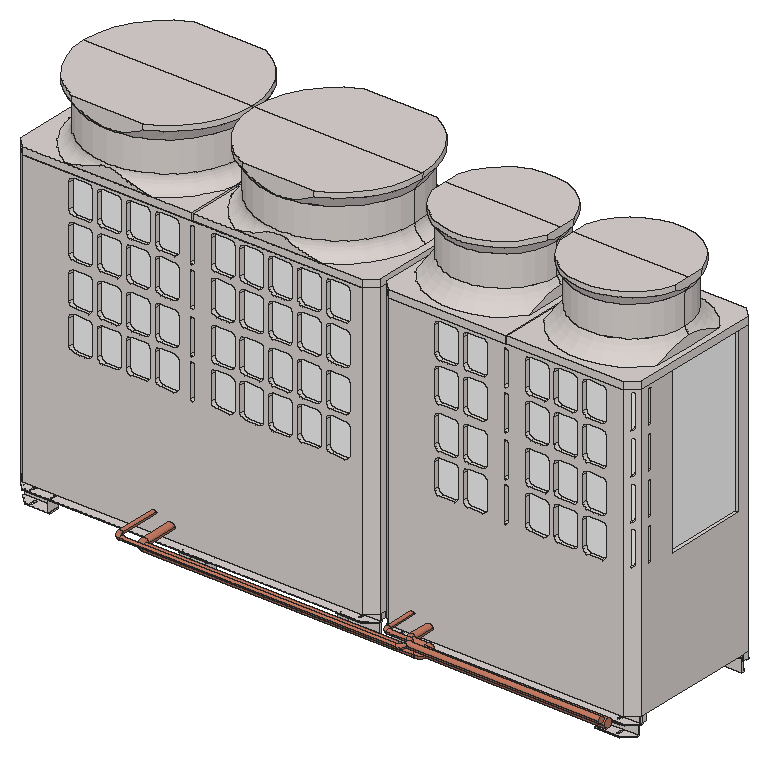
Revit family "PURY-EP950YSNW-A1", category 機械設備, Revit 2016 (continued)
Definition of nested family "PURY-EP450YNW-A1"
  Dimensions and locks
    cut or joined group 1 (Extrusion 1, Extrusion 2, Extrusion 3, Extrusion 4, Extrusion 5, Extrusion 6, Extrusion 7, Extrusion 8, Extrusion 9, Extrusion 10, Extrusion 11, Extrusion 12, Extrusion 13, Extrusion 14, Extrusion 15, Extrusion 16, Extrusion 17, Extrusion 18, Extrusion 19, Extrusion 20, Extrusion 21, Extrusion 22, Extrusion 23, Extrusion 24, Extrusion 25, Extrusion 26, Extrusion 27, Extrusion 28, Extrusion 29, Extrusion 30, Extrusion 31, Extrusion 32, Extrusion 33) to plane 12 to cut or joined group 1 = 805.000 mm, 621.000 mm
    plane 5 to plane 2 = 1858.000 mm  (x2)
    cut or joined group 1 to plane 19 "132" = 132.000 mm
    cut or joined group 1 to plane 22 = 207.000 mm
    cut or joined group 1 to plane 23 = 256.000 mm
    cut or joined group 1 to plane 6 = 60.000 mm
    cut or joined group 1 to cut or joined group 1 = 42.154 mm
    cut or joined group 1 to cut or joined group 1 = 11.895 mm
    nested 1 to nested 3 to level = 1798.000 mm, 60.000 mm
    nested 1 to nested 1 = 303.000 mm
    nested 1 to nested 3 = 1495.000 mm
    nested 8 to nested 8 to nested 8 to nested 7 to nested 7 to nested 7 = 54.000 mm, 20.000 mm, 592.000 mm, 20.000 mm, 54.000 mm
    nested 3 to nested 3 = 56.000 mm
    plane 11 to plane 31 to plane 32 to cut or joined group 1 = 90.000 mm, 1060.000 mm, 90.000 mm
    curve 103 to nested 7 = 90.000 mm
    curve 104 to nested 7 = 125.000 mm
    curve 101 to nested 7 = 100.000 mm
    curve 11 to curve 13 to nested 7 = 84.000 mm, 71.000 mm
    cut or joined group 1 to curve 12 to curve 14 = 125.000 mm, 148.000 mm
    nested 2 to nested 7 = 1495.000 mm
    curve 87 to cut or joined group 1 = 152.000 mm
    curve 88 to cut or joined group 1 = 172.000 mm
    curve 89 to cut or joined group 1 = 216.000 mm
    cut or joined group 1 to curve 4 to curve 2 = 128.000 mm, 150.000 mm
    cut or joined group 1 to curve 1 to curve 3 = 79.000 mm, 94.000 mm
    Extrusion 32 sketch curve to nested 7 = 116.000 mm
    cut or joined group 1 to Extrusion 32 sketch curve = 160.000 mm
    cut or joined group 1 to Extrusion 33 sketch curve = 243.000 mm
    Extrusion 33 sketch curve to nested 7 = 116.000 mm
    aligned and locked: level to plane 2
    aligned and locked: Extrusion 1 to plane 4
  Nested families
    nested 1: "FAN GUARD" at (-311.5, 2, 860), type "FAN GUARD"
      with WIDTH 870.000 mm
    nested 2: "FAN GUARD" at (311.5, 2, 860) x (-1, 0, 0) z (0, 0, 1), type "FAN GUARD"
      with WIDTH 870.000 mm
    nested 3: "ATTACHMENT LEG" at (-524, -349, 0), type "ATTACHMENT LEG"
    nested 4: "ATTACHMENT LEG" at (-524, 349, 0), type "ATTACHMENT LEG"
    nested 5: "ATTACHMENT LEG" at (524, -349, 0) x (-1, 0, 0) z (0, 0, 1), type "ATTACHMENT LEG"
    nested 6: "ATTACHMENT LEG" at (524, 349, 0) x (-1, 0, 0) z (0, 0, 1), type "ATTACHMENT LEG"
    nested 7: "BASE LEG_L_" at (0, -352, 60), type "BASE LEG_L_"
      with Width 1240.000 mm
    nested 8: "BASE LEG_L_" at (0, 352, 60), type "BASE LEG_L_"
      with Width 1240.000 mm
  Connectors
    piping at (-460, -191, 176), diameter 25.4, driven by "Liquid pipe_radius"
      settings: on cut or joined group 1, index 3, connector inside diameter 25.4 mm, connector length 0.000 mm, flow factor 0, pipe flow 0.0 L/s, pressure drop 0.0 Pa, fitting loss kfactor 0, connector angle 0.00°, fixture units 0, engagement length 0.000 mm, angle of deflection 0.00°, flow configuration 0, flow direction 0, fitting loss method 0, system type 22, joint type 0, gender type 0, connector reference index -1, connector utility 0, adjustable connector no, is connector primary yes, connector description "Refrigerant service valve<Liquid pipe>"
    piping at (-377, -191, 176), diameter 28.58, driven by "Gas pipe_radius"
      settings: on cut or joined group 1, index 4, connector inside diameter 28.58 mm, connector length 0.000 mm, flow factor 0, pipe flow 0.0 L/s, pressure drop 0.0 Pa, fitting loss kfactor 0, connector angle 0.00°, fixture units 0, engagement length 0.000 mm, angle of deflection 0.00°, flow configuration 0, flow direction 0, fitting loss method 0, system type 22, joint type 0, gender type 0, connector reference index -1, connector utility 0, adjustable connector no, is connector primary no, connector description "Refrigerant service valve<Gas>"
    electrical at (0, -370, 808)
      settings: on cut or joined group 1, index 5, voltage 0 V, apparent load 0 VA, apparent load phase1 0 VA, apparent load phase2 0 VA, apparent load phase3 0 VA, power factor 1, load classification none, number of poles 1, system type 30, power factor state 1, is connector primary yes, connector utility no, sub classification motor no, connector description ""
  Definition of nested family "FAN GUARD"
    Parameters
      WIDTH [instance] = 870.000 mm
    Reference planes
      plane 1 "中心(正面/背面)": y = -2
      plane 2: z = 0
      plane 3 "ファンガード基準面": z = 661
      plane 4: y = 368
      plane 5: x = 366
      plane 6: x = -375
      plane 7 "ファンガード基準上面": z = 695
      plane 8 "ファンガード上面": z = 998
      plane 9: x = -273.971
      plane 10: x = 308.5
      plane 11: x = -308.5
      plane 12: x = 0
    Forms (mm)
      Extrusion 1, solid
        sketch origin (85, 0, 661) x (-1, 0, 0) y (0, -1, 0)
          loop
            line (343.5, -368) -> (393.5, -318) -> (393.5, 322) -> (343.5, 372) -> (-223.5, 372) -> (-223.5, -368) -> (343.5, -368)
        from 0 to 34
      Revolve 2, solid
        sketch origin (0, -2, 0) x (1, 0, 0) y (0, 0, 1)
          loop
            line (0, 695) -> (0, 998) -> (-290, 998) -> (-290, 972.327) -> (-260, 928.372) -> (-260, 777.384)
            arc (-260, 777.384) -> (-290.651, 730.137) -> (-334.665, 695) r 175.882
            line (-334.665, 695) -> (0, 695)
          axis (0, 998) -> (0, 695)
        angle from 0 to 360
      Extrusion 3, void
        sketch origin (-840, 75, 695) x (-1, 0, 0) y (0, -1, 0)
          loop
            line (-410, -165) -> (-410, 315) -> (-561.253, 315) -> (-561.253, -165) -> (-410, -165)
        from -35 to 430.592
      Extrusion 4, void
        sketch origin (840, 75, 695) x (1, 0, 0) y (0, 1, 0)
          loop
            line (-410, 165) -> (-561.253, 165) -> (-561.253, -315) -> (-410, -315) -> (-410, 165)
        from 0 to 430.592
    Cuts and joins
      Extrusion 3, Extrusion 4 cuts Revolve 2
      Extrusion 4 cuts Extrusion 1
    Lines and regions (mm)
      model lines
        curve 1: line (-278.747, 0, 998) -> (-80, 0, 998)
        curve 2: line (80, 0, 998) -> (278.747, 0, 998)
        curve 3: circle (0, 0, 998) r 80 normal (0, 0, 1)
        curve 4: line (-278.747, -80, 998) -> (278.747, -80, 998)
        curve 5: line (-241.868, -160, 998) -> (241.868, -160, 998)
        curve 6: line (-162.788, -240, 998) -> (162.788, -240, 998)
        curve 7: line (-278.747, 80, 998) -> (278.747, 80, 998)
        curve 8: line (-241.868, 160, 998) -> (240, 160, 998)
        curve 9: line (-160, 240, 998) -> (162.788, 240, 998)
        curve 10: line (0, 290, 998) -> (0, -290, 998)
        curve 11: line (-20, 289.31, 998) -> (-20, -289.31, 998)
        curve 12: line (-40, 287.228, 998) -> (-40, -287.228, 998)
        curve 13: line (-60, 283.725, 998) -> (-60, -283.725, 998)
        curve 14: line (-80, 278.747, 998) -> (-80, -278.747, 998)
        curve 15: line (20, 289.31, 998) -> (20, -289.31, 998)
        curve 16: line (40, 287.228, 998) -> (40, -287.228, 998)
        curve 17: line (60, 283.725, 998) -> (60, -283.725, 998)
        curve 18: line (80, 278.747, 998) -> (80, -278.747, 998)
        curve 19: line (100, 272.213, 998) -> (100, -272.213, 998)
        curve 20: line (120, 264.008, 998) -> (120, -264.008, 998)
        curve 21: line (140, 253.969, 998) -> (140, -253.969, 998)
        curve 22: line (160, 241.868, 998) -> (160, -243.132, 998)
        curve 23: line (180, 227.376, 998) -> (180, -227.624, 998)
        curve 24: line (200, 210, 998) -> (200, -210, 998)
        curve 25: line (220, 188.944, 998) -> (220, -188.944, 998)
        curve 26: line (240, 160, 998) -> (240, -162.788, 998)
        curve 27: line (260, 128.452, 998) -> (260, -128.452, 998)
        curve 28: line (-100, 272.213, 998) -> (-100, -272.213, 998)
        curve 29: line (-120, 264.008, 998) -> (-120, -264.008, 998)
        curve 30: line (-140, 253.969, 998) -> (-140, -253.969, 998)
        curve 31: line (-160, 240, 998) -> (-160, -241.868, 998)
        curve 32: line (-180, 227.376, 998) -> (-180, -227.376, 998)
        curve 33: line (-200, 210, 998) -> (-200, -210, 998)
        curve 34: line (-220, 188.944, 998) -> (-220, -188.944, 998)
        curve 35: line (-240, 162.788, 998) -> (-240, -162.788, 998)
        curve 36: line (-260, 128.452, 998) -> (-260, -128.452, 998)
        curve 37: line (10, 79.373, 998) -> (10, -79.373, 998)
        curve 38: line (-10, 79.373, 998) -> (-10, -79.373, 998)
        curve 39: line (30, 74.162, 998) -> (30, -74.162, 998)
        curve 40: line (50, 62.45, 998) -> (50, -62.45, 998)
        curve 41: line (70, 38.73, 998) -> (70, -38.73, 998)
        curve 42: line (-30, 74.162, 998) -> (-30, -74.162, 998)
        curve 43: line (-50, 62.45, 998) -> (-50, -62.45, 998)
        curve 44: line (-70, 38.73, 998) -> (-70, -38.73, 998)
    Dimensions and locks
      locked: plane 8 "ファンガード上面" to plane 7 "ファンガード基準上面" at 303
      plane 8 "ファンガード上面" to plane 3 "ファンガード基準面" = 337.000 mm
      Revolve 2 sketch curve to Revolve 2 sketch curve = 290.000 mm
      Extrusion 1 sketch curve to Extrusion 1 sketch curve = 740.000 mm
      equal spacing: Extrusion 1 sketch curve, plane 1 "中心(正面/背面)", Extrusion 1 sketch curve
      plane 6 to plane 5 = 741.000 mm
      Extrusion 1 sketch curve to Extrusion 1 sketch curve = 617.000 mm
      plane 11 to plane 10 = 617.000 mm
      cut or joined group of Extrusion 1, Extrusion 4 to cut or joined group of Extrusion 1, Extrusion 4 = 617.000 mm
      cut or joined group of Extrusion 1, Extrusion 4 to cut or joined group of Extrusion 1, Extrusion 4 = 740.000 mm
      aligned and locked: level to plane 2
      aligned and locked: plane 7 "ファンガード基準上面" to Extrusion 1
      aligned and locked: plane 3 "ファンガード基準面" to Extrusion 1
      aligned and locked: cut or joined group of Revolve 2, Extrusion 3, Extrusion 4 to plane 8 "ファンガード上面"
  Definition of nested family "ATTACHMENT LEG"
    Parameters
      Width = 145.000 mm
    Reference planes
      plane 1: z = 0
      plane 2 "中心(左/右)": x = -6
      plane 3: x = -52
      plane 4: x = 85
      plane 5: x = 93
      plane 6: y = -21
      plane 7: y = 27
      plane 8: x = -30
      plane 9: y = 39
      plane 10: z = 60
      plane 11: z = 57
      plane 12: z = 3
      plane 13: x = 82
      plane 14: y = 36
      plane 15: x = -75
      plane 16: y = 31
      plane 17 "幅": x = 93
      plane 18: y = 2.5
      plane 19: y = 21
      plane 20: y = -10
    Forms (mm)
      Extrusion 1, solid
        sketch origin (0, -1, 0) x (1, 0, 0) y (0, 1, 0)
          loop
            line (-75, 36) -> (-75, 27) -> (-28, -20) -> (93, -20) -> (93, 32) -> (85, 32) -> (85, 36) -> (-75, 36)
        from 0 to 60
      Extrusion 2, void
        sketch origin (0, -3, 0) x (1, 0, 0) y (0, 0, 1)
          loop
            line (-75, 57) -> (-75, 3) -> (82, 3) -> (82, 57) -> (-75, 57)
          loop
            line (93, 57) -> (85, 57) -> (85, 3) -> (93, 3) -> (93, 57)
        from -35 to 18
      Extrusion 3, void
        sketch origin (-6, 5.5, 0) x (1, 0, 0) y (0, 1, 0)
          loop
            arc (-7, -8.5) -> (0, -15.5) -> (7, -8.5) r 7
            line (7, -8.5) -> (7, 8.5)
            arc (7, 8.5) -> (0, 15.5) -> (-7, 8.5) r 7
            line (-7, 8.5) -> (-7, -8.5)
        from 0 to 60
    Cuts and joins
      Extrusion 2, Extrusion 3 cuts Extrusion 1
    Dimensions and locks
      locked: plane 3 to plane 4 at 137
      locked: plane 3 to plane 5 at 145
      plane 6 to plane 7 = 48.000 mm
      locked: plane 10 to level at 60
      Extrusion 3 sketch curve to plane 2 "中心(左/右)" = 7.000 mm
      locked: plane 15 to plane 2 "中心(左/右)" at 69
      locked: plane 15 to plane 8 at 45
      locked: plane 6 to plane 18 at 23.5
      cut or joined group of Extrusion 1, Extrusion 2, Extrusion 3 to cut or joined group of Extrusion 1, Extrusion 2, Extrusion 3 = 168.000 mm
      cut or joined group of Extrusion 1, Extrusion 2, Extrusion 3 to cut or joined group of Extrusion 1, Extrusion 2, Extrusion 3 = 56.000 mm  (x2)
      plane 14 to plane 6 = 57.000 mm
      aligned and locked: level to plane 1
      aligned and locked: Extrusion 1 sketch curve to plane 4
      aligned and locked: Extrusion 1 sketch curve to plane 5
      aligned: plane 8 to Extrusion 1 sketch curve
      aligned and locked: plane 10 to Extrusion 1
      aligned and locked: Extrusion 2 sketch curve to plane 11
      aligned: plane 3 to Extrusion 2 sketch curve
      aligned and locked: plane 12 to Extrusion 2 sketch curve
      aligned and locked: Extrusion 2 sketch curve to plane 13
      aligned and locked: plane 6 to Extrusion 2
      aligned and locked: plane 11 to Extrusion 2 sketch curve
      aligned and locked: plane 5 to Extrusion 2 sketch curve
      aligned and locked: Extrusion 2 sketch curve to plane 12
      aligned and locked: Extrusion 2 sketch curve to plane 4
      aligned and locked: plane 15 to Extrusion 1 sketch curve
      aligned and locked: Extrusion 2 sketch curve to cut or joined group of Extrusion 1, Extrusion 2, Extrusion 3
      aligned and locked: Extrusion 1 to plane 16
  Definition of nested family "BASE LEG_L_"
    Parameters
      Width [instance] = 1240.000 mm
    Reference planes
      plane 1 "中心(正面/背面)": y = 0
      plane 2: z = 0
      plane 3 "中心(左/右)": x = 0
      plane 4: x = 620
      plane 5: x = -620
      plane 6: x = -530
      plane 7: x = 530
      plane 8: y = -18
      plane 9: y = 39
      plane 10: z = 53
      plane 11: y = 42
      plane 12: y = 27
      plane 13: x = 575
      plane 14: x = -575
      plane 15: z = 8
      plane 16: y = 11.5
      plane 17: z = 35
    Forms (mm)
      Extrusion 1, solid
        sketch origin (0, 0, 0) x (0, 1, 0) y (0, 0, 1)
          loop
            line (-18, 0) -> (36, 0) -> (36, 32) -> (56, 32) -> (56, 35) -> (33, 35) -> (33, 3) -> (-18, 3) -> (-18, 0)
        from -620 to 620
      Extrusion 2, void
        sketch origin (0, 0, 0) x (1, 0, 0) y (0, 1, 0)
          loop
            line (575, -18) -> (620, -18) -> (620, 27) -> (575, -18)
          loop
            line (-575, -18) -> (-620, 27) -> (-620, -18) -> (-575, -18)
        from 0 to 250
      Extrusion 3, void
        sketch origin (0, 12.023, 0) x (1, 0, 0) y (0, 1, 0)
          loop
            arc (523, -2.971) -> (530, -9.971) -> (537, -2.971) r 7
            line (537, -2.971) -> (537, 3.023)
            arc (537, 3.023) -> (530, 10.023) -> (523, 3.023) r 7
            line (523, 3.023) -> (523, -2.971)
          loop
            line (-523, -2.971) -> (-523, 3.023)
            arc (-523, 3.023) -> (-530, 10.023) -> (-537, 3.023) r 7
            line (-537, 3.023) -> (-537, -2.971)
            arc (-537, -2.971) -> (-530, -9.971) -> (-523, -2.971) r 7
        from 0 to 250
      Extrusion 4, solid
        sketch origin (0, 0, -3) x (1, 0, 0) y (0, 0, 1)
          loop
            line (617, 8) -> (620, 8) -> (620, 35) -> (617, 35) -> (617, 8)
          loop
            line (-617, 8) -> (-617, 35) -> (-620, 35) -> (-620, 8) -> (-617, 8)
        from -36 to -56
      Extrusion 5, solid
        sketch origin (150, 352, 0) x (1, 0, 0) y (0, 1, 0)
          loop
            line (460, -319) -> (455, -319) -> (455, -320) -> (405, -370) -> (410, -370) -> (460, -320) -> (460, -319)
        from 3 to 35
      Extrusion 6, void
        sketch origin (560, -18, 0) x (0.707107, 0.707107, 0) y (0, 0, 1)
          loop
            line (70.711, 3) -> (-6.741, 39.767) -> (-6.741, 3) -> (70.711, 3)
        from -190.256 to 23.776
      Extrusion 7, solid
        sketch origin (-150, 352, 0) x (-1, 0, 0) y (0, -1, 0)
          loop
            line (460, 319) -> (460, 320) -> (410, 370) -> (405, 370) -> (455, 320) -> (455, 319) -> (460, 319)
        from 3 to 35
      Extrusion 8, void
        sketch origin (-560, -18, 0) x (0.707107, -0.707107, 0) y (0, 0, -1)
          loop
            line (-70.711, -3) -> (0, -35) -> (6.741, -35) -> (6.741, -3) -> (-70.711, -3)
        from -190.256 to 23.776
    Cuts and joins
      Extrusion 2, Extrusion 3 cuts Extrusion 1
      joined: Extrusion 1, Extrusion 4
      Extrusion 8 cuts Extrusion 7
      Extrusion 6 cuts Extrusion 5
    Dimensions and locks
      "Width": plane 5 to plane 4
      equal spacing: plane 5, plane 3 "中心(左/右)", plane 4
      locked: plane 5 to plane 6 at 90
      locked: plane 7 to plane 4 at 90
      locked: plane 8 to plane 9 at 57
      locked: plane 10 to level at 53
      locked: plane 9 to plane 11 at 3
      plane 8 to plane 12 = 45.000 mm
      locked: plane 13 to plane 4 at 45
      locked: plane 5 to plane 14 at 45
      equal spacing: Extrusion 3 sketch curve, plane 7, Extrusion 3 sketch curve
      equal spacing: Extrusion 3 sketch curve, plane 6, Extrusion 3 sketch curve
      locked: plane 10 to plane 15 at 45
      locked: cut or joined group of Extrusion 1, Extrusion 2, Extrusion 3, Extrusion 4 to Extrusion 4 sketch curve at 3  (x2)
      locked: plane 8 to plane 16 at 29.5
      plane 8 to plane 11 = 60.000 mm
      cut or joined group of Extrusion 1, Extrusion 2, Extrusion 3, Extrusion 4 to cut or joined group of Extrusion 1, Extrusion 2, Extrusion 3, Extrusion 4 = 35.000 mm
      aligned and locked: level to plane 2
      aligned and locked: plane 8 to Extrusion 1 sketch curve
      aligned and locked: plane 4 to Extrusion 1
      aligned and locked: Extrusion 1 to plane 5
      aligned and locked: Extrusion 2 sketch curve to plane 4
      aligned and locked: Extrusion 2 sketch curve to plane 8
      aligned and locked: plane 12 to Extrusion 2 sketch curve
      aligned and locked: plane 13 to Extrusion 2 sketch curve
      aligned and locked: plane 4 to Extrusion 4 sketch curve
      aligned and locked: plane 5 to Extrusion 4 sketch curve
      aligned and locked: cut or joined group of Extrusion 7, Extrusion 8 to cut or joined group of Extrusion 1, Extrusion 2, Extrusion 3, Extrusion 4
    Automatic sketch dimensions
      Extrusion 3 sketch curve to plane 1 "中心(正面/背面)" = 9.052 mm  (x2)
      Extrusion 3 sketch curve to plane 7 = 7.000 mm
      Extrusion 3 sketch curve to plane 1 "中心(正面/背面)" = 15.046 mm  (x2)
      Extrusion 3 sketch curve to plane 6 = 7.000 mm
      Extrusion 2 sketch curve to plane 5 = 0.000 mm
      plane 8 to Extrusion 2 sketch curve = 0.000 mm
      Extrusion 2 sketch curve to plane 14 = 0.000 mm
      plane 12 to Extrusion 2 sketch curve = 0.000 mm
      Extrusion 4 sketch curve to plane 10 = 21.000 mm
      plane 7 to Extrusion 5 sketch curve = 25.000 mm
      Extrusion 5 sketch curve to Extrusion 5 sketch curve = 5.000 mm  (x2)
      plane 7 to Extrusion 5 sketch curve = 75.000 mm
      plane 8 to Extrusion 5 sketch curve = 0.000 mm
      Extrusion 5 sketch curve to Extrusion 5 sketch curve = 50.000 mm
      Extrusion 5 sketch curve to Extrusion 5 sketch curve = 0.000 mm
      Extrusion 5 sketch curve to Extrusion 5 sketch curve = 1.000 mm
      Extrusion 6 sketch curve to Extrusion 5 = 0.000 mm  (x2)
      Extrusion 6 sketch curve to Extrusion 5 = 6.741 mm
      Extrusion 6 sketch curve to Extrusion 5 = 4.767 mm
      plane 6 to Extrusion 7 sketch curve = 25.000 mm
      Extrusion 7 sketch curve to Extrusion 7 sketch curve = 5.000 mm  (x2)
      Extrusion 7 sketch curve to Extrusion 7 sketch curve = 45.000 mm
      Extrusion 7 sketch curve to plane 8 = 0.000 mm
      Extrusion 7 sketch curve to Extrusion 7 sketch curve = 50.000 mm
      Extrusion 7 sketch curve to Extrusion 7 sketch curve = 0.000 mm
      Extrusion 7 sketch curve to Extrusion 7 sketch curve = 1.000 mm
      Extrusion 8 sketch curve to Extrusion 7 = 0.000 mm  (x2)
      Extrusion 7 to Extrusion 8 sketch curve = 0.000 mm  (x2)
      Extrusion 7 to Extrusion 8 sketch curve = 6.741 mm
      Extrusion 4 sketch curve to plane 17 = 3.000 mm
      Extrusion 4 sketch curve to plane 15 = 3.000 mm  (x2)
      Extrusion 1 sketch curve to plane 17 = 0.000 mm
      Extrusion 1 sketch curve to level = 0.000 mm
      level to Extrusion 1 sketch curve = 3.000 mm
      plane 9 to Extrusion 1 sketch curve = 6.000 mm
      plane 9 to Extrusion 1 sketch curve = 3.000 mm
      Extrusion 1 sketch curve to plane 17 = 3.000 mm
      Extrusion 1 sketch curve to plane 11 = 14.000 mm
Definition of nested family "PURY-EP500YNW-A1"
  Parameters
    Model = "PURY-P500YNW-A"
    URL = "http://www.mitsubishielectric.com/"
    Manufacturer = "Mitsubishi Electric Corporation"
    Liquid pipe_radius = 12.700 mm
    Gas pipe_radius = 14.290 mm
  Reference planes
    plane 1 "Center (Front/Back)": y = 0
    plane 2: z = 0
    plane 3 "Center (Left/Right)": x = 0
    plane 4 "panel_L": x = -875
    plane 5: y = 370
    plane 6 "front": y = -370
    plane 7: x = 875
    plane 8: x = -798
    plane 9: x = 798
    plane 10: x = 850
    plane 11: x = -190
    plane 12: x = -107
    plane 13: y = -185
    plane 14: z = 1858
  Forms (mm)
    Extrusion 1, solid
      sketch origin (0, 0, 113) x (-1, 0, 0) y (0, -1, 0)
        loop
          line (825, -370) -> (875, -320) -> (875, 320) -> (825, 370) -> (-825, 370) -> (-875, 320) -> (-875, -320) -> (-825, -370) -> (825, -370)
      from -18 to 1408
    Extrusion 2, void
      sketch origin (802, -370, 113) x (1, 0, 0) y (0, 0, -1)
        loop
          arc (-60.8, -1393.5) -> (-42.557, -1385.943) -> (-35, -1367.7) r 25.8
          line (-35, -1367.7) -> (-35, -1248.5)
          arc (-35, -1248.5) -> (-42.557, -1230.257) -> (-60.8, -1222.7) r 25.8
          line (-60.8, -1222.7) -> (-126, -1222.7)
          arc (-126, -1222.7) -> (-144.243, -1230.257) -> (-151.8, -1248.5) r 25.8
          line (-151.8, -1248.5) -> (-151.8, -1367.7)
          arc (-151.8, -1367.7) -> (-144.243, -1385.943) -> (-126, -1393.5) r 25.8
          line (-126, -1393.5) -> (-60.8, -1393.5)
      from 0 to 20
    Extrusion 3, void
      sketch origin (802, -370, -81) x (1, 0, 0) y (0, 0, -1)
        loop
          arc (-60.8, -1393.5) -> (-42.557, -1385.943) -> (-35, -1367.7) r 25.8
          line (-35, -1367.7) -> (-35, -1248.5)
          arc (-35, -1248.5) -> (-42.557, -1230.257) -> (-60.8, -1222.7) r 25.8
          line (-60.8, -1222.7) -> (-126, -1222.7)
          arc (-126, -1222.7) -> (-144.243, -1230.257) -> (-151.8, -1248.5) r 25.8
          line (-151.8, -1248.5) -> (-151.8, -1367.7)
          arc (-151.8, -1367.7) -> (-144.243, -1385.943) -> (-126, -1393.5) r 25.8
          line (-126, -1393.5) -> (-60.8, -1393.5)
      from 0 to 20
    Extrusion 4, void
      sketch origin (802, -370, -287) x (1, 0, 0) y (0, 0, -1)
        loop
          arc (-60.8, -1393.5) -> (-42.557, -1385.943) -> (-35, -1367.7) r 25.8
          line (-35, -1367.7) -> (-35, -1248.5)
          arc (-35, -1248.5) -> (-42.557, -1230.257) -> (-60.8, -1222.7) r 25.8
          line (-60.8, -1222.7) -> (-126, -1222.7)
          arc (-126, -1222.7) -> (-144.243, -1230.257) -> (-151.8, -1248.5) r 25.8
          line (-151.8, -1248.5) -> (-151.8, -1367.7)
          arc (-151.8, -1367.7) -> (-144.243, -1385.943) -> (-126, -1393.5) r 25.8
          line (-126, -1393.5) -> (-60.8, -1393.5)
      from 0 to 20
    Extrusion 5, void
      sketch origin (802, -370, -481) x (1, 0, 0) y (0, 0, -1)
        loop
          arc (-60.8, -1393.5) -> (-42.557, -1385.943) -> (-35, -1367.7) r 25.8
          line (-35, -1367.7) -> (-35, -1248.5)
          arc (-35, -1248.5) -> (-42.557, -1230.257) -> (-60.8, -1222.7) r 25.8
          line (-60.8, -1222.7) -> (-126, -1222.7)
          arc (-126, -1222.7) -> (-144.243, -1230.257) -> (-151.8, -1248.5) r 25.8
          line (-151.8, -1248.5) -> (-151.8, -1367.7)
          arc (-151.8, -1367.7) -> (-144.243, -1385.943) -> (-126, -1393.5) r 25.8
          line (-126, -1393.5) -> (-60.8, -1393.5)
      from 0 to 20
    Extrusion 6, void
      sketch origin (662, -370, 113) x (1, 0, 0) y (0, 0, -1)
        loop
          arc (-60.8, -1393.5) -> (-42.557, -1385.943) -> (-35, -1367.7) r 25.8
          line (-35, -1367.7) -> (-35, -1248.5)
          arc (-35, -1248.5) -> (-42.557, -1230.257) -> (-60.8, -1222.7) r 25.8
          line (-60.8, -1222.7) -> (-126, -1222.7)
          arc (-126, -1222.7) -> (-144.243, -1230.257) -> (-151.8, -1248.5) r 25.8
          line (-151.8, -1248.5) -> (-151.8, -1367.7)
          arc (-151.8, -1367.7) -> (-144.243, -1385.943) -> (-126, -1393.5) r 25.8
          line (-126, -1393.5) -> (-60.8, -1393.5)
      from 0 to 20
    Extrusion 7, void
      sketch origin (662, -370, -81) x (1, 0, 0) y (0, 0, -1)
        loop
          arc (-60.8, -1393.5) -> (-42.557, -1385.943) -> (-35, -1367.7) r 25.8
          line (-35, -1367.7) -> (-35, -1248.5)
          arc (-35, -1248.5) -> (-42.557, -1230.257) -> (-60.8, -1222.7) r 25.8
          line (-60.8, -1222.7) -> (-126, -1222.7)
          arc (-126, -1222.7) -> (-144.243, -1230.257) -> (-151.8, -1248.5) r 25.8
          line (-151.8, -1248.5) -> (-151.8, -1367.7)
          arc (-151.8, -1367.7) -> (-144.243, -1385.943) -> (-126, -1393.5) r 25.8
          line (-126, -1393.5) -> (-60.8, -1393.5)
      from 0 to 20
    Extrusion 8, void
      sketch origin (662, -370, -287) x (1, 0, 0) y (0, 0, -1)
        loop
          arc (-60.8, -1393.5) -> (-42.557, -1385.943) -> (-35, -1367.7) r 25.8
          line (-35, -1367.7) -> (-35, -1248.5)
          arc (-35, -1248.5) -> (-42.557, -1230.257) -> (-60.8, -1222.7) r 25.8
          line (-60.8, -1222.7) -> (-126, -1222.7)
          arc (-126, -1222.7) -> (-144.243, -1230.257) -> (-151.8, -1248.5) r 25.8
          line (-151.8, -1248.5) -> (-151.8, -1367.7)
          arc (-151.8, -1367.7) -> (-144.243, -1385.943) -> (-126, -1393.5) r 25.8
          line (-126, -1393.5) -> (-60.8, -1393.5)
      from 0 to 20
    Extrusion 9, void
      sketch origin (662, -370, -481) x (1, 0, 0) y (0, 0, -1)
        loop
          arc (-60.8, -1393.5) -> (-42.557, -1385.943) -> (-35, -1367.7) r 25.8
          line (-35, -1367.7) -> (-35, -1248.5)
          arc (-35, -1248.5) -> (-42.557, -1230.257) -> (-60.8, -1222.7) r 25.8
          line (-60.8, -1222.7) -> (-126, -1222.7)
          arc (-126, -1222.7) -> (-144.243, -1230.257) -> (-151.8, -1248.5) r 25.8
          line (-151.8, -1248.5) -> (-151.8, -1367.7)
          arc (-151.8, -1367.7) -> (-144.243, -1385.943) -> (-126, -1393.5) r 25.8
          line (-126, -1393.5) -> (-60.8, -1393.5)
      from 0 to 20
    Extrusion 10, void
      sketch origin (522, -370, 113) x (1, 0, 0) y (0, 0, -1)
        loop
          arc (-60.8, -1393.5) -> (-42.557, -1385.943) -> (-35, -1367.7) r 25.8
          line (-35, -1367.7) -> (-35, -1248.5)
          arc (-35, -1248.5) -> (-42.557, -1230.257) -> (-60.8, -1222.7) r 25.8
          line (-60.8, -1222.7) -> (-126, -1222.7)
          arc (-126, -1222.7) -> (-144.243, -1230.257) -> (-151.8, -1248.5) r 25.8
          line (-151.8, -1248.5) -> (-151.8, -1367.7)
          arc (-151.8, -1367.7) -> (-144.243, -1385.943) -> (-126, -1393.5) r 25.8
          line (-126, -1393.5) -> (-60.8, -1393.5)
      from 0 to 20
    Extrusion 11, void
      sketch origin (522, -370, -81) x (1, 0, 0) y (0, 0, -1)
        loop
          arc (-60.8, -1393.5) -> (-42.557, -1385.943) -> (-35, -1367.7) r 25.8
          line (-35, -1367.7) -> (-35, -1248.5)
          arc (-35, -1248.5) -> (-42.557, -1230.257) -> (-60.8, -1222.7) r 25.8
          line (-60.8, -1222.7) -> (-126, -1222.7)
          arc (-126, -1222.7) -> (-144.243, -1230.257) -> (-151.8, -1248.5) r 25.8
          line (-151.8, -1248.5) -> (-151.8, -1367.7)
          arc (-151.8, -1367.7) -> (-144.243, -1385.943) -> (-126, -1393.5) r 25.8
          line (-126, -1393.5) -> (-60.8, -1393.5)
      from 0 to 20
    Extrusion 12, void
      sketch origin (522, -370, -287) x (1, 0, 0) y (0, 0, -1)
        loop
          arc (-60.8, -1393.5) -> (-42.557, -1385.943) -> (-35, -1367.7) r 25.8
          line (-35, -1367.7) -> (-35, -1248.5)
          arc (-35, -1248.5) -> (-42.557, -1230.257) -> (-60.8, -1222.7) r 25.8
          line (-60.8, -1222.7) -> (-126, -1222.7)
          arc (-126, -1222.7) -> (-144.243, -1230.257) -> (-151.8, -1248.5) r 25.8
          line (-151.8, -1248.5) -> (-151.8, -1367.7)
          arc (-151.8, -1367.7) -> (-144.243, -1385.943) -> (-126, -1393.5) r 25.8
          line (-126, -1393.5) -> (-60.8, -1393.5)
      from 0 to 20
    Extrusion 13, void
      sketch origin (522, -370, -481) x (1, 0, 0) y (0, 0, -1)
        loop
          arc (-60.8, -1393.5) -> (-42.557, -1385.943) -> (-35, -1367.7) r 25.8
          line (-35, -1367.7) -> (-35, -1248.5)
          arc (-35, -1248.5) -> (-42.557, -1230.257) -> (-60.8, -1222.7) r 25.8
          line (-60.8, -1222.7) -> (-126, -1222.7)
          arc (-126, -1222.7) -> (-144.243, -1230.257) -> (-151.8, -1248.5) r 25.8
          line (-151.8, -1248.5) -> (-151.8, -1367.7)
          arc (-151.8, -1367.7) -> (-144.243, -1385.943) -> (-126, -1393.5) r 25.8
          line (-126, -1393.5) -> (-60.8, -1393.5)
      from 0 to 20
    Extrusion 14, void
      sketch origin (382, -370, 113) x (1, 0, 0) y (0, 0, -1)
        loop
          arc (-60.8, -1393.5) -> (-42.557, -1385.943) -> (-35, -1367.7) r 25.8
          line (-35, -1367.7) -> (-35, -1248.5)
          arc (-35, -1248.5) -> (-42.557, -1230.257) -> (-60.8, -1222.7) r 25.8
          line (-60.8, -1222.7) -> (-126, -1222.7)
          arc (-126, -1222.7) -> (-144.243, -1230.257) -> (-151.8, -1248.5) r 25.8
          line (-151.8, -1248.5) -> (-151.8, -1367.7)
          arc (-151.8, -1367.7) -> (-144.243, -1385.943) -> (-126, -1393.5) r 25.8
          line (-126, -1393.5) -> (-60.8, -1393.5)
      from 0 to 20
    Extrusion 15, void
      sketch origin (382, -370, -81) x (1, 0, 0) y (0, 0, -1)
        loop
          arc (-60.8, -1393.5) -> (-42.557, -1385.943) -> (-35, -1367.7) r 25.8
          line (-35, -1367.7) -> (-35, -1248.5)
          arc (-35, -1248.5) -> (-42.557, -1230.257) -> (-60.8, -1222.7) r 25.8
          line (-60.8, -1222.7) -> (-126, -1222.7)
          arc (-126, -1222.7) -> (-144.243, -1230.257) -> (-151.8, -1248.5) r 25.8
          line (-151.8, -1248.5) -> (-151.8, -1367.7)
          arc (-151.8, -1367.7) -> (-144.243, -1385.943) -> (-126, -1393.5) r 25.8
          line (-126, -1393.5) -> (-60.8, -1393.5)
      from 0 to 20
    Extrusion 16, void
      sketch origin (382, -370, -287) x (1, 0, 0) y (0, 0, -1)
        loop
          arc (-60.8, -1393.5) -> (-42.557, -1385.943) -> (-35, -1367.7) r 25.8
          line (-35, -1367.7) -> (-35, -1248.5)
          arc (-35, -1248.5) -> (-42.557, -1230.257) -> (-60.8, -1222.7) r 25.8
          line (-60.8, -1222.7) -> (-126, -1222.7)
          arc (-126, -1222.7) -> (-144.243, -1230.257) -> (-151.8, -1248.5) r 25.8
          line (-151.8, -1248.5) -> (-151.8, -1367.7)
          arc (-151.8, -1367.7) -> (-144.243, -1385.943) -> (-126, -1393.5) r 25.8
          line (-126, -1393.5) -> (-60.8, -1393.5)
      from 0 to 20
    Extrusion 17, void
      sketch origin (382, -370, -481) x (1, 0, 0) y (0, 0, -1)
        loop
          arc (-60.8, -1393.5) -> (-42.557, -1385.943) -> (-35, -1367.7) r 25.8
          line (-35, -1367.7) -> (-35, -1248.5)
          arc (-35, -1248.5) -> (-42.557, -1230.257) -> (-60.8, -1222.7) r 25.8
          line (-60.8, -1222.7) -> (-126, -1222.7)
          arc (-126, -1222.7) -> (-144.243, -1230.257) -> (-151.8, -1248.5) r 25.8
          line (-151.8, -1248.5) -> (-151.8, -1367.7)
          arc (-151.8, -1367.7) -> (-144.243, -1385.943) -> (-126, -1393.5) r 25.8
          line (-126, -1393.5) -> (-60.8, -1393.5)
      from 0 to 20
    Extrusion 18, void
      sketch origin (242, -370, 113) x (1, 0, 0) y (0, 0, -1)
        loop
          arc (-60.8, -1393.5) -> (-42.557, -1385.943) -> (-35, -1367.7) r 25.8
          line (-35, -1367.7) -> (-35, -1248.5)
          arc (-35, -1248.5) -> (-42.557, -1230.257) -> (-60.8, -1222.7) r 25.8
          line (-60.8, -1222.7) -> (-126, -1222.7)
          arc (-126, -1222.7) -> (-144.243, -1230.257) -> (-151.8, -1248.5) r 25.8
          line (-151.8, -1248.5) -> (-151.8, -1367.7)
          arc (-151.8, -1367.7) -> (-144.243, -1385.943) -> (-126, -1393.5) r 25.8
          line (-126, -1393.5) -> (-60.8, -1393.5)
      from 0 to 20
    Extrusion 19, void
      sketch origin (242, -370, -81) x (1, 0, 0) y (0, 0, -1)
        loop
          arc (-60.8, -1393.5) -> (-42.557, -1385.943) -> (-35, -1367.7) r 25.8
          line (-35, -1367.7) -> (-35, -1248.5)
          arc (-35, -1248.5) -> (-42.557, -1230.257) -> (-60.8, -1222.7) r 25.8
          line (-60.8, -1222.7) -> (-126, -1222.7)
          arc (-126, -1222.7) -> (-144.243, -1230.257) -> (-151.8, -1248.5) r 25.8
          line (-151.8, -1248.5) -> (-151.8, -1367.7)
          arc (-151.8, -1367.7) -> (-144.243, -1385.943) -> (-126, -1393.5) r 25.8
          line (-126, -1393.5) -> (-60.8, -1393.5)
      from 0 to 20
    Extrusion 20, void
      sketch origin (242, -370, -287) x (1, 0, 0) y (0, 0, -1)
        loop
          arc (-60.8, -1393.5) -> (-42.557, -1385.943) -> (-35, -1367.7) r 25.8
          line (-35, -1367.7) -> (-35, -1248.5)
          arc (-35, -1248.5) -> (-42.557, -1230.257) -> (-60.8, -1222.7) r 25.8
          line (-60.8, -1222.7) -> (-126, -1222.7)
          arc (-126, -1222.7) -> (-144.243, -1230.257) -> (-151.8, -1248.5) r 25.8
          line (-151.8, -1248.5) -> (-151.8, -1367.7)
          arc (-151.8, -1367.7) -> (-144.243, -1385.943) -> (-126, -1393.5) r 25.8
          line (-126, -1393.5) -> (-60.8, -1393.5)
      from 0 to 20
    Extrusion 21, void
      sketch origin (242, -370, -481) x (1, 0, 0) y (0, 0, -1)
        loop
          arc (-60.8, -1393.5) -> (-42.557, -1385.943) -> (-35, -1367.7) r 25.8
          line (-35, -1367.7) -> (-35, -1248.5)
          arc (-35, -1248.5) -> (-42.557, -1230.257) -> (-60.8, -1222.7) r 25.8
          line (-60.8, -1222.7) -> (-126, -1222.7)
          arc (-126, -1222.7) -> (-144.243, -1230.257) -> (-151.8, -1248.5) r 25.8
          line (-151.8, -1248.5) -> (-151.8, -1367.7)
          arc (-151.8, -1367.7) -> (-144.243, -1385.943) -> (-126, -1393.5) r 25.8
          line (-126, -1393.5) -> (-60.8, -1393.5)
      from 0 to 20
    Extrusion 22, void
      sketch origin (-30, -370, 113) x (1, 0, 0) y (0, 0, -1)
        loop
          arc (-60.8, -1393.5) -> (-42.557, -1385.943) -> (-35, -1367.7) r 25.8
          line (-35, -1367.7) -> (-35, -1248.5)
          arc (-35, -1248.5) -> (-42.557, -1230.257) -> (-60.8, -1222.7) r 25.8
          line (-60.8, -1222.7) -> (-126, -1222.7)
          arc (-126, -1222.7) -> (-144.243, -1230.257) -> (-151.8, -1248.5) r 25.8
          line (-151.8, -1248.5) -> (-151.8, -1367.7)
          arc (-151.8, -1367.7) -> (-144.243, -1385.943) -> (-126, -1393.5) r 25.8
          line (-126, -1393.5) -> (-60.8, -1393.5)
      from 0 to 20
    Extrusion 23, void
      sketch origin (-30, -370, -81) x (1, 0, 0) y (0, 0, -1)
        loop
          arc (-60.8, -1393.5) -> (-42.557, -1385.943) -> (-35, -1367.7) r 25.8
          line (-35, -1367.7) -> (-35, -1248.5)
          arc (-35, -1248.5) -> (-42.557, -1230.257) -> (-60.8, -1222.7) r 25.8
          line (-60.8, -1222.7) -> (-126, -1222.7)
          arc (-126, -1222.7) -> (-144.243, -1230.257) -> (-151.8, -1248.5) r 25.8
          line (-151.8, -1248.5) -> (-151.8, -1367.7)
          arc (-151.8, -1367.7) -> (-144.243, -1385.943) -> (-126, -1393.5) r 25.8
          line (-126, -1393.5) -> (-60.8, -1393.5)
      from 0 to 20
    Extrusion 24, void
      sketch origin (-30, -370, -287) x (1, 0, 0) y (0, 0, -1)
        loop
          arc (-60.8, -1393.5) -> (-42.557, -1385.943) -> (-35, -1367.7) r 25.8
          line (-35, -1367.7) -> (-35, -1248.5)
          arc (-35, -1248.5) -> (-42.557, -1230.257) -> (-60.8, -1222.7) r 25.8
          line (-60.8, -1222.7) -> (-126, -1222.7)
          arc (-126, -1222.7) -> (-144.243, -1230.257) -> (-151.8, -1248.5) r 25.8
          line (-151.8, -1248.5) -> (-151.8, -1367.7)
          arc (-151.8, -1367.7) -> (-144.243, -1385.943) -> (-126, -1393.5) r 25.8
          line (-126, -1393.5) -> (-60.8, -1393.5)
      from 0 to 20
    Extrusion 25, void
      sketch origin (-30, -370, -481) x (1, 0, 0) y (0, 0, -1)
        loop
          arc (-60.8, -1393.5) -> (-42.557, -1385.943) -> (-35, -1367.7) r 25.8
          line (-35, -1367.7) -> (-35, -1248.5)
          arc (-35, -1248.5) -> (-42.557, -1230.257) -> (-60.8, -1222.7) r 25.8
          line (-60.8, -1222.7) -> (-126, -1222.7)
          arc (-126, -1222.7) -> (-144.243, -1230.257) -> (-151.8, -1248.5) r 25.8
          line (-151.8, -1248.5) -> (-151.8, -1367.7)
          arc (-151.8, -1367.7) -> (-144.243, -1385.943) -> (-126, -1393.5) r 25.8
          line (-126, -1393.5) -> (-60.8, -1393.5)
      from 0 to 20
    Extrusion 26, void
      sketch origin (-170, -370, 113) x (1, 0, 0) y (0, 0, -1)
        loop
          arc (-60.8, -1393.5) -> (-42.557, -1385.943) -> (-35, -1367.7) r 25.8
          line (-35, -1367.7) -> (-35, -1248.5)
          arc (-35, -1248.5) -> (-42.557, -1230.257) -> (-60.8, -1222.7) r 25.8
          line (-60.8, -1222.7) -> (-126, -1222.7)
          arc (-126, -1222.7) -> (-144.243, -1230.257) -> (-151.8, -1248.5) r 25.8
          line (-151.8, -1248.5) -> (-151.8, -1367.7)
          arc (-151.8, -1367.7) -> (-144.243, -1385.943) -> (-126, -1393.5) r 25.8
          line (-126, -1393.5) -> (-60.8, -1393.5)
      from 0 to 20
    Extrusion 27, void
      sketch origin (-170, -370, -81) x (1, 0, 0) y (0, 0, -1)
        loop
          arc (-60.8, -1393.5) -> (-42.557, -1385.943) -> (-35, -1367.7) r 25.8
          line (-35, -1367.7) -> (-35, -1248.5)
          arc (-35, -1248.5) -> (-42.557, -1230.257) -> (-60.8, -1222.7) r 25.8
          line (-60.8, -1222.7) -> (-126, -1222.7)
          arc (-126, -1222.7) -> (-144.243, -1230.257) -> (-151.8, -1248.5) r 25.8
          line (-151.8, -1248.5) -> (-151.8, -1367.7)
          arc (-151.8, -1367.7) -> (-144.243, -1385.943) -> (-126, -1393.5) r 25.8
          line (-126, -1393.5) -> (-60.8, -1393.5)
      from 0 to 20
    Extrusion 28, void
      sketch origin (-170, -370, -287) x (1, 0, 0) y (0, 0, -1)
        loop
          arc (-60.8, -1393.5) -> (-42.557, -1385.943) -> (-35, -1367.7) r 25.8
          line (-35, -1367.7) -> (-35, -1248.5)
          arc (-35, -1248.5) -> (-42.557, -1230.257) -> (-60.8, -1222.7) r 25.8
          line (-60.8, -1222.7) -> (-126, -1222.7)
          arc (-126, -1222.7) -> (-144.243, -1230.257) -> (-151.8, -1248.5) r 25.8
          line (-151.8, -1248.5) -> (-151.8, -1367.7)
          arc (-151.8, -1367.7) -> (-144.243, -1385.943) -> (-126, -1393.5) r 25.8
          line (-126, -1393.5) -> (-60.8, -1393.5)
      from 0 to 20
    Extrusion 29, void
      sketch origin (-170, -370, -481) x (1, 0, 0) y (0, 0, -1)
        loop
          arc (-60.8, -1393.5) -> (-42.557, -1385.943) -> (-35, -1367.7) r 25.8
          line (-35, -1367.7) -> (-35, -1248.5)
          arc (-35, -1248.5) -> (-42.557, -1230.257) -> (-60.8, -1222.7) r 25.8
          line (-60.8, -1222.7) -> (-126, -1222.7)
          arc (-126, -1222.7) -> (-144.243, -1230.257) -> (-151.8, -1248.5) r 25.8
          line (-151.8, -1248.5) -> (-151.8, -1367.7)
          arc (-151.8, -1367.7) -> (-144.243, -1385.943) -> (-126, -1393.5) r 25.8
          line (-126, -1393.5) -> (-60.8, -1393.5)
      from 0 to 20
    Extrusion 30, void
      sketch origin (-310, -370, 113) x (1, 0, 0) y (0, 0, -1)
        loop
          arc (-60.8, -1393.5) -> (-42.557, -1385.943) -> (-35, -1367.7) r 25.8
          line (-35, -1367.7) -> (-35, -1248.5)
          arc (-35, -1248.5) -> (-42.557, -1230.257) -> (-60.8, -1222.7) r 25.8
          line (-60.8, -1222.7) -> (-126, -1222.7)
          arc (-126, -1222.7) -> (-144.243, -1230.257) -> (-151.8, -1248.5) r 25.8
          line (-151.8, -1248.5) -> (-151.8, -1367.7)
          arc (-151.8, -1367.7) -> (-144.243, -1385.943) -> (-126, -1393.5) r 25.8
          line (-126, -1393.5) -> (-60.8, -1393.5)
      from 0 to 20
    Extrusion 31, void
      sketch origin (-310, -370, -81) x (1, 0, 0) y (0, 0, -1)
        loop
          arc (-60.8, -1393.5) -> (-42.557, -1385.943) -> (-35, -1367.7) r 25.8
          line (-35, -1367.7) -> (-35, -1248.5)
          arc (-35, -1248.5) -> (-42.557, -1230.257) -> (-60.8, -1222.7) r 25.8
          line (-60.8, -1222.7) -> (-126, -1222.7)
          arc (-126, -1222.7) -> (-144.243, -1230.257) -> (-151.8, -1248.5) r 25.8
          line (-151.8, -1248.5) -> (-151.8, -1367.7)
          arc (-151.8, -1367.7) -> (-144.243, -1385.943) -> (-126, -1393.5) r 25.8
          line (-126, -1393.5) -> (-60.8, -1393.5)
      from 0 to 20
    Extrusion 32, void
      sketch origin (-310, -370, -287) x (1, 0, 0) y (0, 0, -1)
        loop
          arc (-60.8, -1393.5) -> (-42.557, -1385.943) -> (-35, -1367.7) r 25.8
          line (-35, -1367.7) -> (-35, -1248.5)
          arc (-35, -1248.5) -> (-42.557, -1230.257) -> (-60.8, -1222.7) r 25.8
          line (-60.8, -1222.7) -> (-126, -1222.7)
          arc (-126, -1222.7) -> (-144.243, -1230.257) -> (-151.8, -1248.5) r 25.8
          line (-151.8, -1248.5) -> (-151.8, -1367.7)
          arc (-151.8, -1367.7) -> (-144.243, -1385.943) -> (-126, -1393.5) r 25.8
          line (-126, -1393.5) -> (-60.8, -1393.5)
      from 0 to 20
    Extrusion 33, void
      sketch origin (-310, -370, -481) x (1, 0, 0) y (0, 0, -1)
        loop
          arc (-60.8, -1393.5) -> (-42.557, -1385.943) -> (-35, -1367.7) r 25.8
          line (-35, -1367.7) -> (-35, -1248.5)
          arc (-35, -1248.5) -> (-42.557, -1230.257) -> (-60.8, -1222.7) r 25.8
          line (-60.8, -1222.7) -> (-126, -1222.7)
          arc (-126, -1222.7) -> (-144.243, -1230.257) -> (-151.8, -1248.5) r 25.8
          line (-151.8, -1248.5) -> (-151.8, -1367.7)
          arc (-151.8, -1367.7) -> (-144.243, -1385.943) -> (-126, -1393.5) r 25.8
          line (-126, -1393.5) -> (-60.8, -1393.5)
      from 0 to 20
    Extrusion 34, void
      sketch origin (-450, -370, 113) x (1, 0, 0) y (0, 0, -1)
        loop
          arc (-60.8, -1393.5) -> (-42.557, -1385.943) -> (-35, -1367.7) r 25.8
          line (-35, -1367.7) -> (-35, -1248.5)
          arc (-35, -1248.5) -> (-42.557, -1230.257) -> (-60.8, -1222.7) r 25.8
          line (-60.8, -1222.7) -> (-126, -1222.7)
          arc (-126, -1222.7) -> (-144.243, -1230.257) -> (-151.8, -1248.5) r 25.8
          line (-151.8, -1248.5) -> (-151.8, -1367.7)
          arc (-151.8, -1367.7) -> (-144.243, -1385.943) -> (-126, -1393.5) r 25.8
          line (-126, -1393.5) -> (-60.8, -1393.5)
      from 0 to 20
    Extrusion 35, void
      sketch origin (-450, -370, -81) x (1, 0, 0) y (0, 0, -1)
        loop
          arc (-60.8, -1393.5) -> (-42.557, -1385.943) -> (-35, -1367.7) r 25.8
          line (-35, -1367.7) -> (-35, -1248.5)
          arc (-35, -1248.5) -> (-42.557, -1230.257) -> (-60.8, -1222.7) r 25.8
          line (-60.8, -1222.7) -> (-126, -1222.7)
          arc (-126, -1222.7) -> (-144.243, -1230.257) -> (-151.8, -1248.5) r 25.8
          line (-151.8, -1248.5) -> (-151.8, -1367.7)
          arc (-151.8, -1367.7) -> (-144.243, -1385.943) -> (-126, -1393.5) r 25.8
          line (-126, -1393.5) -> (-60.8, -1393.5)
      from 0 to 20
    Extrusion 36, void
      sketch origin (-450, -370, -287) x (1, 0, 0) y (0, 0, -1)
        loop
          arc (-60.8, -1393.5) -> (-42.557, -1385.943) -> (-35, -1367.7) r 25.8
          line (-35, -1367.7) -> (-35, -1248.5)
          arc (-35, -1248.5) -> (-42.557, -1230.257) -> (-60.8, -1222.7) r 25.8
          line (-60.8, -1222.7) -> (-126, -1222.7)
          arc (-126, -1222.7) -> (-144.243, -1230.257) -> (-151.8, -1248.5) r 25.8
          line (-151.8, -1248.5) -> (-151.8, -1367.7)
          arc (-151.8, -1367.7) -> (-144.243, -1385.943) -> (-126, -1393.5) r 25.8
          line (-126, -1393.5) -> (-60.8, -1393.5)
      from 0 to 20
    Extrusion 37, void
      sketch origin (-450, -370, -481) x (1, 0, 0) y (0, 0, -1)
        loop
          arc (-60.8, -1393.5) -> (-42.557, -1385.943) -> (-35, -1367.7) r 25.8
          line (-35, -1367.7) -> (-35, -1248.5)
          arc (-35, -1248.5) -> (-42.557, -1230.257) -> (-60.8, -1222.7) r 25.8
          line (-60.8, -1222.7) -> (-126, -1222.7)
          arc (-126, -1222.7) -> (-144.243, -1230.257) -> (-151.8, -1248.5) r 25.8
          line (-151.8, -1248.5) -> (-151.8, -1367.7)
          arc (-151.8, -1367.7) -> (-144.243, -1385.943) -> (-126, -1393.5) r 25.8
          line (-126, -1393.5) -> (-60.8, -1393.5)
      from 0 to 20
    Extrusion 38, void
      sketch origin (825, -370, 113) x (1, 0, 0) y (0, 0, -1)
        loop
          line (-834.892, -1225.013) -> (-834.892, -1379.987)
          arc (-834.892, -1379.987) -> (-824.892, -1389.987) -> (-814.892, -1379.987) r 10
          line (-814.892, -1379.987) -> (-814.892, -1225.013)
          arc (-814.892, -1225.013) -> (-824.892, -1215.013) -> (-834.892, -1225.013) r 10
        loop
          line (-834.892, -1031.013) -> (-834.892, -1185.987)
          arc (-834.892, -1185.987) -> (-824.892, -1195.987) -> (-814.892, -1185.987) r 10
          line (-814.892, -1185.987) -> (-814.892, -1031.013)
          arc (-814.892, -1031.013) -> (-824.892, -1021.013) -> (-834.892, -1031.013) r 10
        loop
          line (-834.892, -825.013) -> (-834.892, -979.987)
          arc (-834.892, -979.987) -> (-824.892, -989.987) -> (-814.892, -979.987) r 10
          line (-814.892, -979.987) -> (-814.892, -825.013)
          arc (-814.892, -825.013) -> (-824.892, -815.013) -> (-834.892, -825.013) r 10
        loop
          line (-834.892, -631.013) -> (-834.892, -785.987)
          arc (-834.892, -785.987) -> (-824.892, -795.987) -> (-814.892, -785.987) r 10
          line (-814.892, -785.987) -> (-814.892, -631.013)
          arc (-814.892, -631.013) -> (-824.892, -621.013) -> (-834.892, -631.013) r 10
      from 0 to 20
    Extrusion 39, void
      sketch origin (875, 320, 113) x (0, 1, 0) y (0, 0, -1)
        loop
          line (-462.3, -1408) -> (-50.8, -1408) -> (-50.8, -612) -> (-462.3, -612) -> (-462.3, -1408)
      from 0 to 20
    Extrusion 40, void
      sketch origin (-875, -320, 113) x (0, -1, 0) y (0, 0, -1)
        loop
          line (-535.7, -1408) -> (-207.7, -1408) -> (-207.7, -592) -> (-535.7, -592) -> (-535.7, -1408)
      from 0 to 20
    Extrusion 41, void
      sketch origin (195, 370, 113) x (-1, 0, 0) y (0, 0, -1)
        loop
          arc (204.892, -1225.013) -> (194.892, -1215.013) -> (184.892, -1225.013) r 10
          line (184.892, -1225.013) -> (184.892, -1379.987)
